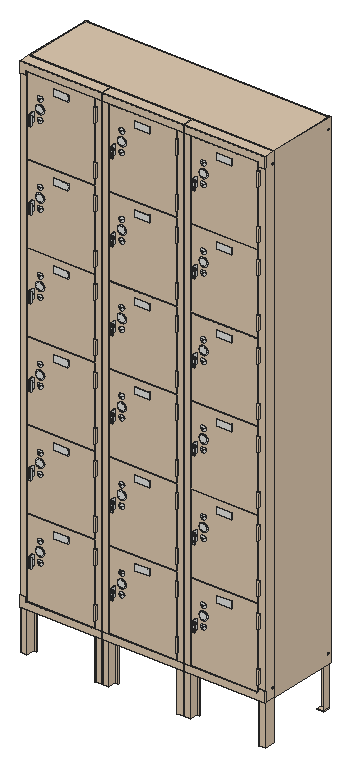
Revit family "Metal_Vented_Lockers-Salsbury_Industries-75000_76000_Series-3_Wide_Units", category Specialty Equipment, Revit 2024 (continued)
Definition of nested family "Metal Locker Left Side Base"
  Types (4): name | Visible | Depth | Model | Description
    77738 Left - for 18" D Lockers with Legs | yes | 16.422" | "77738" | "1.25\"W x 6\" H x 16\"D"
    None | no | 10.422" | "" | ""
  Reference planes (in)
    plane 1 "Center (Front/Back)": y = 0
    plane 2: z = 0
    plane 3 "Center (Left/Right)": x = 5.395
    plane 4 "Floor": z = 0
    plane 5 "Top of Enclosure": z = 6
    plane 6 "Left Side of Unit": x = 4.77
    plane 7 "Right Side of Unit": x = 6.02
    plane 8 "Left Edge of Enclosure": y = -5.211
    plane 9 "Right Edge of Enclosure": y = 5.211
    plane 10 "Left Edge of Insert": y = -6.27647
    plane 11 "Right Edge of Insert": y = -5.15147
    plane 12 "Edge of Rivet": x = 4.73
  Forms (in)
    Extrusion 1, solid, material <- "Primary Structure Material", visible <- "Visible"
      sketch origin (6.02, 0, 0) x (0, 0, -1) y (0, -1, 0)
        loop
          line (-6, 4.90147) -> (-6, -3.961) -> (-5.94, -3.961) -> (-5.94, 4.90147) -> (-6, 4.90147)
      from 0 to 1.19
    Extrusion 2, solid, material <- "Primary Structure Material", visible <- "Visible"
      sketch origin (6.02, 0, -5.94) x (0, 0, -1) y (0, -1, 0)
        loop
          line (-6, 4.90147) -> (-6, -3.961) -> (-5.94, -3.961) -> (-5.94, 4.90147) -> (-6, 4.90147)
      from 0 to 1.19
    Extrusion 3, solid, material <- "Primary Structure Material", visible <- "Visible"
      sketch origin (4.77, 0, 0) x (0, 0, -1) y (0, 1, 0)
        loop
          line (-6, -5.211) -> (0, -5.211) -> (0, 5.211) -> (-6, 5.211) -> (-6, -5.211)
      from 0 to 0.06
    Extrusion 4, solid, material <- "Primary Structure Material", visible <- "Visible"
      sketch origin (10.79, 0, 6) x (0, -1, 0) y (1, 0, 0)
        loop
          line (5.15147, -5.96) -> (6.27647, -5.96) -> (6.27647, -5.9) -> (5.15147, -5.9) -> (5.15147, -5.96)
      from -6 to 0
  Dimensions and locks (in)
    "Height": plane 5 "Top of Enclosure" to plane 4 "Floor"
    plane 10 "Left Edge of Insert" to plane 8 "Left Edge of Enclosure" to plane 11 "Right Edge of Insert" = 1.06547" locked, 0.05953" locked
    equal spacing: plane 8 "Left Edge of Enclosure", plane 1 "Center (Front/Back)", plane 9 "Right Edge of Enclosure"
    "Depth": plane 8 "Left Edge of Enclosure" to plane 9 "Right Edge of Enclosure"
    equal spacing: plane 6 "Left Side of Unit", plane 3 "Center (Left/Right)", plane 7 "Right Side of Unit"
    "Width": plane 6 "Left Side of Unit" to plane 7 "Right Side of Unit"
    "Width including Rivet": plane 12 "Edge of Rivet" to plane 7 "Right Side of Unit"
    plane 12 "Edge of Rivet" to plane 6 "Left Side of Unit" = 0.040"
    aligned and locked: level to plane 2
    aligned and locked: Extrusion 1 to Extrusion 3
    aligned and locked: Extrusion 2 to Extrusion 3
  Automatic sketch dimensions
    plane 5 "Top of Enclosure" to Extrusion 1 sketch curve = 0.000"
    Extrusion 1 sketch curve to Extrusion 1 sketch curve = 0.060"
    plane 9 "Right Edge of Enclosure" to Extrusion 1 sketch curve = 1.250"
    Extrusion 1 sketch curve to plane 11 "Right Edge of Insert" = 0.250"
    Extrusion 2 sketch curve to level = 0.000"
    level to Extrusion 2 sketch curve = 0.060"
    plane 9 "Right Edge of Enclosure" to Extrusion 2 sketch curve = 1.250"
    Extrusion 2 sketch curve to plane 11 "Right Edge of Insert" = 0.250"
    plane 5 "Top of Enclosure" to Extrusion 3 sketch curve = 0.000"
    Extrusion 3 sketch curve to level = 0.000"
    Extrusion 3 sketch curve to plane 8 "Left Edge of Enclosure" = 0.000"
    Extrusion 3 sketch curve to plane 9 "Right Edge of Enclosure" = 0.000"
    plane 11 "Right Edge of Insert" to Extrusion 4 sketch curve = 0.000"
    plane 10 "Left Edge of Insert" to Extrusion 4 sketch curve = 0.000"
    plane 6 "Left Side of Unit" to Extrusion 4 sketch curve = 0.120"
    Extrusion 4 sketch curve to Extrusion 4 sketch curve = 0.060"
Definition of nested family "Metal Locker Zee Base - 3 Wide"
  Parameters (values of type "77572- 36" W x 12" D")
    Width = 36.040"
    Visible = yes
    Version = "1.0 (11/30/15)"
    Type Comments = "Zee Base Kit for Standard Metal Lockers - No Legs"
    Primary Structure Material = none
    Model = "77572"
    MasterFormat Title = ""
    MasterFormat Number = ""
    Manufacturer = "Salsbury Industries"
    Description = "4\" H x 6' L - for 12\" Deep Lockers (Includes 6 Foot Front Base, 2 End Bases, Corner Splicer and 4 Rear Legs)"
    Depth = 12.010"
    Height = 4.000"
    Default Elevation = 0.000"
    Assembly Code = ""
  Types (6): name | Width | Visible | Model | Depth
    77572- 36" W x 12" D | 36.040" | yes | "77572" | 12.010"
    77575 - 36" W x 15" D | 36.040" | yes | "77575" | 15.010"
    77578 - 36"W x 18"D | 36.040" | yes | "77578" | 18.010"
    77575 - 45"W x 15"D | 45.040" | yes | "77575" | 15.010"
    77578 - 45"W x 18"D | 45.040" | yes | "77578" | 18.010"
    None | 36.040" | no | "77572" | 12.010"
  Reference planes (in)
    plane 1 "Center (Front/Back)": y = 0
    plane 2: z = 0
    plane 3 "Center (Left/Right)": x = 0
    plane 4 "Floor": z = 0
    plane 5 "Bottom of Unit": z = 4
    plane 6 "Left Side of Unit": x = -18.02
    plane 7 "Right Side of Unit": x = 18.02
    plane 8 "Back of Unit": y = 6.005
    plane 9 "Front of Unit": y = -6.005
    plane 10 "Right Side of Door Opening": x = 17.02
    plane 11 "Left Side of Door Opening": x = -17.02
    plane 12 "Top of back legs": z = 4.185
    plane 13 "Back Edge of Front Facing": y = -4.417
    plane 14 "Inside Edge of Front Leg": x = -16.58
    plane 15 "Inside Edge of Right Leg": x = 16.58
    plane 16: y = -4.82
    plane 17 "Back Edge of Rear Legs": y = 5.895
    plane 18 "Right Edge of Rear Right Leg": x = 17.9
    plane 19 "Left Edge or Rear Left Leg": x = -17.9
    plane 20: y = 4.895
    plane 21 "Inside Edge or Rear Right Leg": x = 16.9
    plane 22 "Inside Edge or Left Rear Leg": x = -16.9
  Forms (in)
    Extrusion 1, solid, material <- "Primary Structure Material", visible <- "Visible"
      sketch origin (0, 0, 0) x (0, -1, 0) y (1, 0, 0)
        loop
          line (-5.895, 17.9) -> (-5.895, 16.9) -> (-5.835, 16.9) -> (-5.835, 17.84) -> (-4.895, 17.84) -> (-4.895, 17.9) -> (-5.895, 17.9)
      from 0.06 to 4.185
    Extrusion 2, solid, material <- "Primary Structure Material", visible <- "Visible"
      sketch origin (0, 0, 0) x (0, -1, 0) y (1, 0, 0)
        loop
          line (-5.895, 17.9) -> (-5.895, 16.9) -> (-4.895, 16.9) -> (-4.895, 17.9) -> (-5.895, 17.9)
      from 0 to 0.06
    Extrusion 3, solid, material <- "Primary Structure Material", visible <- "Visible"
      sketch origin (0, 0, 0) x (0, -1, 0) y (1, 0, 0)
        loop
          line (-5.895, -17.9) -> (-4.895, -17.9) -> (-4.895, -17.84) -> (-5.835, -17.84) -> (-5.835, -16.9) -> (-5.895, -16.9) -> (-5.895, -17.9)
      from 0.06 to 4.185
    Extrusion 4, solid, material <- "Primary Structure Material", visible <- "Visible"
      sketch origin (0, 0, 0) x (0, -1, 0) y (1, 0, 0)
        loop
          line (-5.895, -17.9) -> (-4.895, -17.9) -> (-4.895, -16.9) -> (-5.895, -16.9) -> (-5.895, -17.9)
      from 0 to 0.06
    Extrusion 5, solid, material <- "Primary Structure Material", visible <- "Visible"
      sketch origin (0, 0, 0) x (0, 1, 0) y (0, 0, 1)
        loop
          line (-6.005, 4) -> (-6.005, 3.94) -> (-4.417, 3.94) -> (-4.417, 0) -> (-2.769, 0) -> (-2.769, 0.06) -> (-4.357, 0.06) -> (-4.357, 4) -> (-6.005, 4)
      from -18.02 to 18.02
  Dimensions and locks (in)
    equal spacing: plane 6 "Left Side of Unit", plane 3 "Center (Left/Right)", plane 7 "Right Side of Unit"
    "Width": plane 6 "Left Side of Unit" to plane 7 "Right Side of Unit"
    "Height": plane 5 "Bottom of Unit" to plane 4 "Floor"
    equal spacing: plane 9 "Front of Unit", plane 1 "Center (Front/Back)", plane 8 "Back of Unit"
    "Depth": plane 9 "Front of Unit" to plane 8 "Back of Unit"
    plane 12 "Top of back legs" to plane 5 "Bottom of Unit" = 0.185"
    plane 6 "Left Side of Unit" to plane 11 "Left Side of Door Opening" = 1.000"
    plane 10 "Right Side of Door Opening" to plane 7 "Right Side of Unit" = 1.000"
    locked: plane 9 "Front of Unit" to plane 13 "Back Edge of Front Facing" at 1.588
    plane 11 "Left Side of Door Opening" to plane 14 "Inside Edge of Front Leg" = 0.440"
    plane 15 "Inside Edge of Right Leg" to plane 10 "Right Side of Door Opening" = 0.440"
    plane 9 "Front of Unit" to plane 16 = 1.185"
    plane 15 "Inside Edge of Right Leg" to plane 21 "Inside Edge or Rear Right Leg" to plane 10 "Right Side of Door Opening" to plane 18 "Right Edge of Rear Right Leg" to plane 7 "Right Side of Unit" = 0.320", 0.120", 0.880", 0.120"
    plane 6 "Left Side of Unit" to plane 19 "Left Edge or Rear Left Leg" to plane 11 "Left Side of Door Opening" to plane 22 "Inside Edge or Left Rear Leg" to plane 14 "Inside Edge of Front Leg" = 0.120", 0.880", 0.120", 0.320"
    plane 20 to plane 17 "Back Edge of Rear Legs" to plane 8 "Back of Unit" = 1.000", 0.110"
    aligned and locked: level to plane 2
    aligned and locked: Extrusion 1 to Extrusion 2
    aligned and locked: Extrusion 4 to Extrusion 3
    aligned and locked: Extrusion 1 to plane 18 "Right Edge of Rear Right Leg"
    aligned and locked: Extrusion 1 to plane 17 "Back Edge of Rear Legs"
    aligned and locked: Extrusion 3 to plane 19 "Left Edge or Rear Left Leg"
    aligned and locked: plane 17 "Back Edge of Rear Legs" to Extrusion 3
    aligned and locked: Extrusion 1 to plane 12 "Top of back legs"
    aligned and locked: plane 12 "Top of back legs" to Extrusion 3
    aligned and locked: Extrusion 5 to plane 7 "Right Side of Unit"
    aligned and locked: plane 6 "Left Side of Unit" to Extrusion 5
  Automatic sketch dimensions
    plane 17 "Back Edge of Rear Legs" to Extrusion 1 sketch curve = 0.000"
    Extrusion 1 sketch curve to plane 21 "Inside Edge or Rear Right Leg" = 0.000"
    Extrusion 1 sketch curve to plane 18 "Right Edge of Rear Right Leg" = 0.000"
    plane 20 to Extrusion 1 sketch curve = 0.000"
    plane 17 "Back Edge of Rear Legs" to Extrusion 1 sketch curve = 0.060"
    plane 18 "Right Edge of Rear Right Leg" to Extrusion 1 sketch curve = 0.060"
    plane 17 "Back Edge of Rear Legs" to Extrusion 2 sketch curve = 0.000"
    Extrusion 2 sketch curve to plane 18 "Right Edge of Rear Right Leg" = 0.000"
    plane 20 to Extrusion 2 sketch curve = 0.000"
    Extrusion 2 sketch curve to plane 21 "Inside Edge or Rear Right Leg" = 0.000"
    plane 17 "Back Edge of Rear Legs" to Extrusion 3 sketch curve = 0.000"
    Extrusion 3 sketch curve to plane 22 "Inside Edge or Left Rear Leg" = 0.000"
    Extrusion 3 sketch curve to plane 19 "Left Edge or Rear Left Leg" = 0.000"
    plane 20 to Extrusion 3 sketch curve = 0.000"
    Extrusion 3 sketch curve to plane 17 "Back Edge of Rear Legs" = 0.060"
    Extrusion 3 sketch curve to plane 19 "Left Edge or Rear Left Leg" = 0.060"
    plane 17 "Back Edge of Rear Legs" to Extrusion 4 sketch curve = 0.000"
    Extrusion 4 sketch curve to plane 19 "Left Edge or Rear Left Leg" = 0.000"
    plane 20 to Extrusion 4 sketch curve = 0.000"
    Extrusion 4 sketch curve to plane 22 "Inside Edge or Left Rear Leg" = 0.000"
    Extrusion 5 sketch curve to plane 9 "Front of Unit" = 0.000"
    Extrusion 5 sketch curve to level = 0.000"
    Extrusion 5 sketch curve to plane 13 "Back Edge of Front Facing" = 0.000"
    plane 5 "Bottom of Unit" to Extrusion 5 sketch curve = 0.000"
    Extrusion 5 sketch curve to plane 13 "Back Edge of Front Facing" = 0.060"
    Extrusion 5 sketch curve to Extrusion 5 sketch curve = 1.588"
    level to Extrusion 5 sketch curve = 0.060"
    plane 5 "Bottom of Unit" to Extrusion 5 sketch curve = 0.060"
Definition of nested family "Metal Locker Zee Base-Right Side"
  Parameters (values of type "77578 Right - 18" D")
    Width including Rivet [instance] = 1.290"
    Visible = yes
    Primary Structure Material = none
    Depth = 16.362"
    Version = "1.0 (11/30/15)"
    Type Comments = "Zee Base Kit for Standard Metal Lockers - No Legs"
    Model = "77578"
    MasterFormat Title = ""
    MasterFormat Number = ""
    Manufacturer = "Salsbury Industries"
    Description = "4\" H x 6' L - for 12\" Deep Lockers (Includes 6 Foot Front Base, 2 End Bases, Corner Splicer and 4 Rear Legs)"
    Width = 4.000"
    Height = 4.000"
    Default Elevation = 0.000"
    Assembly Code = ""
  Types (4): name | Visible | Depth | Type Comments | Model | Description
    77572 Right - 12" D | yes | 10.362" | "Zee Base Kit for Standard Metal Lockers - No Legs" | "77572" | "4\" H x 6' L - for 12\" Deep Lockers (Includes 6 Foot Front Base, 2 End Bases, Corner Splicer and 4 Rear Legs)"
    77575 Right - 15" D | yes | 13.362" | "Zee Base Kit for Standard Metal Lockers - No Legs" | "77575" | "4\" H x 6' L - for 12\" Deep Lockers (Includes 6 Foot Front Base, 2 End Bases, Corner Splicer and 4 Rear Legs)"
    77578 Right - 18" D | yes | 16.362" | "Zee Base Kit for Standard Metal Lockers - No Legs" | "77578" | "4\" H x 6' L - for 12\" Deep Lockers (Includes 6 Foot Front Base, 2 End Bases, Corner Splicer and 4 Rear Legs)"
    None | no | 10.362" | "End Base for Standard Metal Lockers" | "" | ""
  Reference planes (in)
    plane 1 "Center (Front/Back)": y = 0
    plane 2: z = 0
    plane 3 "Center (Left/Right)": x = 3.99
    plane 4 "Floor": z = 0
    plane 5 "Top of Enclosure": z = 4
    plane 6 "Left Edge of Insert": x = 4.77
    plane 7 "Right Side of Unit": x = 5.99
    plane 8 "Left Edge of Enclosure": y = -8.181
    plane 9 "Right Edge of Enclosure": y = 8.181
    plane 10 "Bottom Edge of Enclosure": z = 0.06
    plane 11 "Left Edge of Base": x = 1.99
  Forms (in)
    Extrusion 1, solid, material <- "Primary Structure Material", visible <- "Visible"
      sketch origin (5.99, 0, 0) x (0, 0, -1) y (0, -1, 0)
        loop
          line (-4, 6.93967) -> (-4, -6.931) -> (-3.94, -6.931) -> (-3.94, 6.93967) -> (-4, 6.93967)
      from 0.06 to 1.22
    Extrusion 2, solid, material <- "Primary Structure Material", visible <- "Visible"
      sketch origin (0, 0, 0) x (0, -1, 0) y (1, 0, 0)
        loop
          line (-8.181, 1.99) -> (-8.121, 1.99) -> (-8.121, 5.93) -> (8.121, 5.93) -> (8.121, 1.99) -> (8.181, 1.99) -> (8.181, 5.99) -> (-8.181, 5.99) -> (-8.181, 1.99)
      from 0.06 to 4
  Dimensions and locks (in)
    "Height": plane 5 "Top of Enclosure" to plane 4 "Floor"
    equal spacing: plane 8 "Left Edge of Enclosure", plane 1 "Center (Front/Back)", plane 9 "Right Edge of Enclosure"
    "Depth": plane 8 "Left Edge of Enclosure" to plane 9 "Right Edge of Enclosure"
    "Width": plane 11 "Left Edge of Base" to plane 7 "Right Side of Unit"
    equal spacing: plane 11 "Left Edge of Base", plane 3 "Center (Left/Right)", plane 7 "Right Side of Unit"
    locked: plane 4 "Floor" to plane 10 "Bottom Edge of Enclosure" at 0.06
    aligned and locked: level to plane 2
    aligned and locked: plane 6 "Left Edge of Insert" to Extrusion 1
    aligned and locked: Extrusion 2 to plane 9 "Right Edge of Enclosure"
    aligned and locked: Extrusion 2 to plane 10 "Bottom Edge of Enclosure"
    aligned and locked: plane 11 "Left Edge of Base" to Extrusion 2
  Automatic sketch dimensions
    plane 5 "Top of Enclosure" to Extrusion 1 sketch curve = 0.000"
    Extrusion 1 sketch curve to Extrusion 1 sketch curve = 0.060"
    plane 9 "Right Edge of Enclosure" to Extrusion 1 sketch curve = 1.250"
    Extrusion 1 sketch curve to plane 8 "Left Edge of Enclosure" = 1.24133"
    Extrusion 2 sketch curve to plane 7 "Right Side of Unit" = 0.000"
    plane 9 "Right Edge of Enclosure" to Extrusion 2 sketch curve = 0.000"
    plane 6 "Left Edge of Insert" to Extrusion 2 sketch curve = 2.780"  (x2)
    Extrusion 2 sketch curve to Extrusion 2 sketch curve = 0.060"
    plane 7 "Right Side of Unit" to Extrusion 2 sketch curve = 0.060"
    Extrusion 2 sketch curve to plane 8 "Left Edge of Enclosure" = 0.060"
    Extrusion 2 sketch curve to plane 8 "Left Edge of Enclosure" = 0.000"
Definition of nested family "Metal Locker Zee Base-Left Side"
  Parameters (values of type "77572 Left - 12" D")
    Width including Rivet [instance] = 1.290"
    Visible = yes
    Primary Structure Material = none
    Depth = 10.362"
    Version = "1.0 (11/30/15)"
    Type Comments = "Zee Base Kit for Standard Metal Lockers - No Legs"
    Model = "77572"
    MasterFormat Title = ""
    MasterFormat Number = ""
    Manufacturer = "Salsbury Industries"
    Description = "4\" H x 6' L - for 12\" Deep Lockers (Includes 6 Foot Front Base, 2 End Bases, Corner Splicer and 4 Rear Legs)"
    Width = 4.000"
    Height = 4.000"
    Default Elevation = 0.000"
    Assembly Code = ""
  Types (4): name | Visible | Depth | Type Comments | Model | Description
    77572 Left - 12" D | yes | 10.362" | "Zee Base Kit for Standard Metal Lockers - No Legs" | "77572" | "4\" H x 6' L - for 12\" Deep Lockers (Includes 6 Foot Front Base, 2 End Bases, Corner Splicer and 4 Rear Legs)"
    77575 Left - 15" D | yes | 13.362" | "Zee Base Kit for Standard Metal Lockers - No Legs" | "77575" | "4\" H x 6' L - for 12\" Deep Lockers (Includes 6 Foot Front Base, 2 End Bases, Corner Splicer and 4 Rear Legs)"
    77578 Left- 18" D | yes | 16.362" | "Zee Base Kit for Standard Metal Lockers - No Legs" | "77578" | "4\" H x 6' L - for 12\" Deep Lockers (Includes 6 Foot Front Base, 2 End Bases, Corner Splicer and 4 Rear Legs)"
    None | no | 10.362" | "End Base for Standard Metal Lockers" | "" | ""
  Reference planes (in)
    plane 1 "Center (Front/Back)": y = 0
    plane 2: z = 0
    plane 3 "Center (Left/Right)": x = 3.99
    plane 4 "Floor": z = 0
    plane 5 "Top of Enclosure": z = 4
    plane 6 "Right Side of Unit": x = 5.99
    plane 7 "Left Edge of Enclosure": y = -5.181
    plane 8 "Right Edge of Enclosure": y = 5.181
    plane 9 "Bottom Edge of Enclosure": z = 0.06
    plane 10 "Left Edge of Base": x = 1.99
    plane 11 "Right Edge of Inser": x = 3.21
  Forms (in)
    Extrusion 1, solid, material <- "Primary Structure Material", visible <- "Visible"
      sketch origin (7.98, 0, 0) x (0, -1, 0) y (1, 0, 0)
        loop
          line (-5.181, -1.99) -> (-5.181, -5.99) -> (5.181, -5.99) -> (5.181, -1.99) -> (5.121, -1.99) -> (5.121, -5.93) -> (-5.121, -5.93) -> (-5.121, -1.99) -> (-5.181, -1.99)
      from 0.06 to 4
    Extrusion 2, solid, material <- "Primary Structure Material", visible <- "Visible"
      sketch origin (1.99, 0, 0) x (0, 0, -1) y (0, 1, 0)
        loop
          line (-4, -3.93967) -> (-3.94, -3.93967) -> (-3.94, 3.931) -> (-4, 3.931) -> (-4, -3.93967)
      from 0.06 to 1.22
  Dimensions and locks (in)
    "Height": plane 5 "Top of Enclosure" to plane 4 "Floor"
    equal spacing: plane 7 "Left Edge of Enclosure", plane 1 "Center (Front/Back)", plane 8 "Right Edge of Enclosure"
    "Depth": plane 7 "Left Edge of Enclosure" to plane 8 "Right Edge of Enclosure"
    "Width": plane 10 "Left Edge of Base" to plane 6 "Right Side of Unit"
    equal spacing: plane 10 "Left Edge of Base", plane 3 "Center (Left/Right)", plane 6 "Right Side of Unit"
    locked: plane 4 "Floor" to plane 9 "Bottom Edge of Enclosure" at 0.06
    aligned and locked: level to plane 2
    aligned and locked: plane 10 "Left Edge of Base" to Extrusion 1
  Automatic sketch dimensions
    plane 8 "Right Edge of Enclosure" to Extrusion 1 sketch curve = 0.000"
    Extrusion 1 sketch curve to plane 6 "Right Side of Unit" = 0.000"  (x2)
    plane 7 "Left Edge of Enclosure" to Extrusion 1 sketch curve = 0.000"
    Extrusion 1 sketch curve to plane 10 "Left Edge of Base" = 0.000"
    Extrusion 1 sketch curve to Extrusion 1 sketch curve = 0.060"
    plane 7 "Left Edge of Enclosure" to Extrusion 1 sketch curve = 0.060"
    plane 10 "Left Edge of Base" to Extrusion 1 sketch curve = 0.060"
    plane 5 "Top of Enclosure" to Extrusion 2 sketch curve = 0.000"
    Extrusion 2 sketch curve to Extrusion 2 sketch curve = 0.060"
    Extrusion 2 sketch curve to plane 7 "Left Edge of Enclosure" = 1.24133"
    plane 8 "Right Edge of Enclosure" to Extrusion 2 sketch curve = 1.250"
Definition of nested family "Metal Locker Zee Base Corner"
  Parameters (values of type "77572, 77575, 77578")
    Width = 2.000"
    Visible = yes
    Version = "1.0 (11/30/15)"
    Type Comments = "Zee Base Kit for Standard Metal Lockers - No Legs"
    Primary Structure Material = none
    Model = "n/a"
    Manufacturer = "Salsbury Industries"
    Height = 3.940"
    Description = "4\" H x 6' L - for 12\" Deep Lockers (Includes 6 Foot Front Base, 2 End Bases, Corner Splicer and 4 Rear Legs)"
    Depth = 2.000"
    Default Elevation = 0.000"
  Types (2): name | Visible
    77572, 77575, 77578 | yes
    None | no
  Reference planes (in)
    plane 1 "Center (Front/Back)": y = 0
    plane 2 "Bottom of Component": z = 0
    plane 3 "Center (Left/Right)": x = 0
    plane 4: z = 3.94
    plane 5: x = -1
    plane 6: x = 1
    plane 7 "Front": y = -1
    plane 8 "Back": y = 1
  Forms (in)
    Extrusion 1, solid, material <- "Primary Structure Material", visible <- "Visible"
      sketch origin (0, 0, 0) x (1, 0, 0) y (0, 1, 0)
        loop
          line (-1, 1) -> (-1, 0.94) -> (0.94, 0.94) -> (0.94, -1) -> (1, -1) -> (1, 1) -> (-1, 1)
      from 0 to 3.94
  Dimensions and locks (in)
    "Height": plane 4 to plane 2 "Bottom of Component"
    equal spacing: plane 5, plane 3 "Center (Left/Right)", plane 6
    "Width": plane 5 to plane 6
    equal spacing: plane 7 "Front", plane 1 "Center (Front/Back)", plane 8 "Back"
    "Depth": plane 7 "Front" to plane 8 "Back"
    aligned and locked: plane 2 "Bottom of Component" to level
  Automatic sketch dimensions
    Extrusion 1 sketch curve to plane 5 = 0.000"
    plane 7 "Front" to Extrusion 1 sketch curve = 0.000"
    Extrusion 1 sketch curve to plane 6 = 0.000"
    plane 8 "Back" to Extrusion 1 sketch curve = 0.000"
    plane 6 to Extrusion 1 sketch curve = 0.060"
    Extrusion 1 sketch curve to Extrusion 1 sketch curve = 0.060"
Definition of nested family "Metal Locker End Panel"
  Parameters (values of type "77362 - for 6' H x 12" D Lockers")
    Width = 0.925"
    Visible = yes
    Version = "1.0 (11/30/15)"
    Type Comments = "Finished End Panel for Standard Metal Lockers"
    Primary Structure Material = none
    Model = "77362"
    MasterFormat Title = ""
    MasterFormat Number = ""
    Manufacturer = "Salsbury Industries"
    Height = 72.000"
    Description = "End Panel for 6' H x 12\" Deep Lockers"
    Depth = 12.010"
    Default Elevation = 0.000"
    Assembly Code = ""
  Types (7): name | Visible | Model | Height | Description | Depth
    77362 - for 6' H x 12" D Lockers | yes | "77362" | 72.000" | "End Panel for 6' H x 12\" Deep Lockers" | 12.010"
    77365 - for 6' H x 15" D Lockers | yes | "77365" | 72.000" | "End Panel for 6' H x 15\" Deep Lockers" | 15.010"
    77368 - for 6' H X 18" D Lockers | yes | "77368" | 72.000" | "End Panel for 6' H x 18\" Deep Lockers" | 18.010"
    77352 - for 5' H x 12" D Lockers | yes | "77352" | 60.000" | "End Panel for 5' H x 12\" Deep Lockers" | 12.010"
    77355 - for 5' H x 15" D Lockers | yes | "77355" | 60.000" | "End Panel for 5' H x 15\" Deep Lockers" | 15.010"
    77358 - for 5' H x 18" D Lockers | yes | "77358" | 60.000" | "End Panel for 5' H x 18\" Deep Lockers" | 18.010"
    None | no | "n/a" | 72.000" | "" | 12.010"
  Reference planes (in)
    plane 1 "Center (Front/Back)": y = -2.167
    plane 2: z = 0
    plane 3 "Center (Left/Right)": x = -4.595
    plane 4 "Bottom of Panel": z = 0
    plane 5 "Top of Panel": z = 72
    plane 6 "Front of Panel": y = -8.172
    plane 7 "Right Side of Enclosure": x = -4.1325
    plane 8 "Left Side of Enclosure": x = -5.0575
    plane 9 "Back of Panel": y = 3.838
    plane 10: z = 36
    plane 11: z = 70.283
    plane 12: z = 1.717
    plane 13 "Outside Edge of Front Flap": y = -8.23214
    plane 14 "Outside Edge of Back Flap": y = 3.898
  Forms (in)
    Extrusion 1, solid, material <- "Primary Structure Material", visible <- "Visible"
      sketch origin (-4.1325, 0.48244, 0) x (0, 0, -1) y (0, -1, 0)
        loop
          line (-72, 8.71458) -> (-72, -3.41556) -> (0, -3.41556) -> (0, 8.71458) -> (-72, 8.71458)
      from 0 to -0.06
    Extrusion 2, solid, material <- "Primary Structure Material", visible <- "Visible"
      sketch origin (0, 3.838, 0) x (0, 0, -1) y (1, 0, 0)
        loop
          line (-72, -5.0575) -> (0, -5.0575) -> (0, -4.1325) -> (-72, -4.1325) -> (-72, -5.0575)
      from 0 to -0.06
    Extrusion 3, solid, material <- "Primary Structure Material", visible <- "Visible"
      sketch origin (0, -8.172, 0) x (1, 0, 0) y (0, 0, 1)
        loop
          line (-5.0575, 70.283) -> (-5.0575, 1.717) -> (-4.1325, 1.717) -> (-4.1325, 70.283) -> (-5.0575, 70.283)
      from 0.06014 to 0
  Dimensions and locks (in)
    equal spacing: plane 6 "Front of Panel", plane 1 "Center (Front/Back)", plane 9 "Back of Panel"
    "Depth": plane 6 "Front of Panel" to plane 9 "Back of Panel"
    equal spacing: plane 8 "Left Side of Enclosure", plane 3 "Center (Left/Right)", plane 7 "Right Side of Enclosure"
    "Width": plane 8 "Left Side of Enclosure" to plane 7 "Right Side of Enclosure"
    equal spacing: plane 5 "Top of Panel", plane 10, plane 2
    "Height": plane 5 "Top of Panel" to plane 2
    locked: plane 5 "Top of Panel" to plane 11 at 1.717
    locked: plane 13 "Outside Edge of Front Flap" to plane 6 "Front of Panel" at 0.06014
    locked: plane 9 "Back of Panel" to plane 14 "Outside Edge of Back Flap" at 0.06
    aligned and locked: level to plane 2
    aligned and locked: plane 5 "Top of Panel" to Extrusion 1 sketch curve
    aligned and locked: plane 5 "Top of Panel" to Extrusion 2 sketch curve
    aligned and locked: Extrusion 2 to plane 9 "Back of Panel"
    aligned and locked: plane 11 to Extrusion 3 sketch curve
    aligned and locked: plane 6 "Front of Panel" to Extrusion 3
    aligned and locked: plane 14 "Outside Edge of Back Flap" to Extrusion 2
    aligned and locked: Extrusion 1 to plane 14 "Outside Edge of Back Flap"
    aligned and locked: plane 13 "Outside Edge of Front Flap" to Extrusion 3
    aligned and locked: Extrusion 2 to plane 7 "Right Side of Enclosure"
    aligned and locked: Extrusion 3 to plane 7 "Right Side of Enclosure"
  Automatic sketch dimensions
    Extrusion 1 sketch curve to level = 0.000"
    Extrusion 2 sketch curve to level = 0.000"
    plane 8 "Left Side of Enclosure" to Extrusion 2 sketch curve = 0.000"
    plane 7 "Right Side of Enclosure" to Extrusion 2 sketch curve = 0.000"
    plane 8 "Left Side of Enclosure" to Extrusion 3 sketch curve = 0.000"
    Extrusion 3 sketch curve to plane 12 = 0.000"
    plane 7 "Right Side of Enclosure" to Extrusion 3 sketch curve = 0.000"
    Extrusion 1 sketch curve to plane 14 "Outside Edge of Back Flap" = 0.000"
    plane 6 "Front of Panel" to Extrusion 1 sketch curve = 0.06014"
Definition of nested family "Metal Locker Front Filler"
  Parameters (values of type "77869 - for 6' H Lockers (Zee Base or No Legs)")
    Width = 9.000"
    Visible = yes
    Version = "1.0 (11/30/15)"
    Type Comments = "Vertical Front Filler for Standard Metal Lockers"
    Primary Structure Material = none
    Model = "77865"
    MasterFormat Title = ""
    MasterFormat Number = ""
    Manufacturer = "Salsbury Industries"
    Height = 72.000"
    Description = "9\" W Vertical Front Filler for 6' H Lockers"
    Depth = 1.500"
    Default Elevation = 0.000"
    Assembly Code = ""
  Types (9): name | Width | Visible | Model | Height | Description | Depth
    77865 - for 6' H Lockers with Legs | 15.000" | yes | "77865" | 78.000" | "15\" W Vertical Front Filler for 6' H Lockers" | 1.000"
    77869 - for 6' H Lockers with Legs | 9.000" | yes | "77865" | 78.000" | "9\" W Vertical Front Filler for 6' H Lockers" | 1.000"
    77855 - for 5' H Lockers with Legs | 15.000" | yes | "77855" | 66.000" | "15\" W Vertical Front Filler for 5' H Lockers" | 1.000"
    77859 - for 5' H Lockers with Legs | 9.000" | yes | "77859" | 66.000" | "9\" W Vertical Front Filler for 5' H Lockers" | 1.000"
    None | 15.000" | no | "n/a" | 78.000" | "" | 1.500"
    77865 - for 6' H Lockers (Zee Base or No Legs) | 15.000" | yes | "77865" | 72.000" | "15\" W Vertical Front Filler for 6' H Lockers" | 1.000"
    77869 - for 6' H Lockers (Zee Base or No Legs) | 9.000" | yes | "77865" | 72.000" | "9\" W Vertical Front Filler for 6' H Lockers" | 1.500"
    77859 - for 5' H Lockers (Zee Base or No Legs) | 9.000" | yes | "77859" | 60.000" | "9\" W Vertical Front Filler for 5' H Lockers" | 1.000"
    77855 - for 5' H Lockers (Zee Base or No Legs) | 15.000" | yes | "77855" | 60.000" | "15\" W Vertical Front Filler for 5' H Lockers" | 1.000"
  Reference planes (in)
    plane 1 "Center (Front/Back)": y = -2.167
    plane 2: z = 0
    plane 3 "Center (Left/Right)": x = -4.595
    plane 4 "Bottom of Filler": z = 0
    plane 5 "Top of Panel": z = 72
    plane 6 "Front of Filler": y = -2.917
    plane 7 "Right Side of Filler": x = -0.095
    plane 8 "Left Side of Filler": x = -9.095
    plane 9 "Back of Filler": y = -1.417
    plane 10: z = 36
  Forms (in)
    Extrusion 1, solid, material <- "Primary Structure Material", visible <- "Visible"
      sketch origin (0, 0, 0) x (0, -1, 0) y (1, 0, 0)
        loop
          line (1.417, -9.095) -> (2.917, -9.095) -> (2.917, -1.095) -> (2.869, -1.095) -> (2.869, -9.047) -> (1.417, -9.047) -> (1.417, -9.095)
      from 0 to 72
    Extrusion 2, solid, material <- "Primary Structure Material", visible <- "Visible"
      sketch origin (0, -0.20425, 0) x (0, -1, 0) y (1, 0, 0)
        loop
          line (1.30875, -0.095) -> (1.30875, -0.143) -> (2.76075, -0.143) -> (2.76075, -1.595) -> (2.80875, -1.595) -> (2.80875, -0.095) -> (1.30875, -0.095)
      from 0 to 72
    Extrusion 3, solid, material <- "Primary Structure Material", visible <- "Visible"
      sketch origin (0, 0.10825, 0) x (0, -1, 0) y (1, 0, 0)
        loop
          line (3.07325, -1.595) -> (3.07325, -0.82524) -> (3.02525, -0.82524) -> (3.02525, -1.376) -> (3.02525, -1.449) -> (3.02525, -1.522) -> (3.02525, -1.595) -> (3.07325, -1.595)
      from 0 to 72
    Extrusion 4, solid, material <- "Primary Structure Material", visible <- "Visible"
      sketch origin (0, 0, 0) x (0, -1, 0) y (1, 0, 0)
        loop
          line (2.917, -0.82524) -> (2.821, -0.82524) -> (2.821, -1.80024) -> (2.869, -1.80024) -> (2.869, -0.87324) -> (2.917, -0.87324) -> (2.917, -0.82524)
      from 0 to 72
  Dimensions and locks (in)
    equal spacing: plane 6 "Front of Filler", plane 1 "Center (Front/Back)", plane 9 "Back of Filler"
    "Depth": plane 6 "Front of Filler" to plane 9 "Back of Filler"
    equal spacing: plane 8 "Left Side of Filler", plane 3 "Center (Left/Right)", plane 7 "Right Side of Filler"
    "Width": plane 8 "Left Side of Filler" to plane 7 "Right Side of Filler"
    equal spacing: plane 5 "Top of Panel", plane 10, plane 2
    "Height": plane 5 "Top of Panel" to plane 2
    aligned and locked: level to plane 2
    aligned and locked: Extrusion 1 to plane 5 "Top of Panel"
    aligned and locked: Extrusion 2 to plane 5 "Top of Panel"
    aligned and locked: Extrusion 3 to plane 5 "Top of Panel"
    aligned and locked: Extrusion 4 to plane 5 "Top of Panel"
  Automatic sketch dimensions
    plane 9 "Back of Filler" to Extrusion 1 sketch curve = 0.000"
    plane 6 "Front of Filler" to Extrusion 1 sketch curve = 0.000"
    Extrusion 1 sketch curve to plane 8 "Left Side of Filler" = 0.000"
    Extrusion 1 sketch curve to plane 6 "Front of Filler" = 0.048"
    Extrusion 1 sketch curve to Extrusion 1 sketch curve = 0.048"
    plane 7 "Right Side of Filler" to Extrusion 1 sketch curve = 1.000"
    Extrusion 2 sketch curve to plane 7 "Right Side of Filler" = 0.000"
    plane 7 "Right Side of Filler" to Extrusion 2 sketch curve = 0.048"
    plane 9 "Back of Filler" to Extrusion 2 sketch curve = 0.096"
    plane 6 "Front of Filler" to Extrusion 2 sketch curve = 0.048"
    Extrusion 2 sketch curve to Extrusion 2 sketch curve = 0.048"
    Extrusion 2 sketch curve to Extrusion 2 sketch curve = 1.452"
    plane 6 "Front of Filler" to Extrusion 3 sketch curve = 0.000"
    plane 7 "Right Side of Filler" to Extrusion 3 sketch curve = 1.500"
    Extrusion 3 sketch curve to Extrusion 3 sketch curve = 0.073"  (x3)
    Extrusion 3 sketch curve to Extrusion 3 sketch curve = 0.55076"
    Extrusion 3 sketch curve to Extrusion 3 sketch curve = 0.048"
    plane 6 "Front of Filler" to Extrusion 4 sketch curve = 0.000"
    Extrusion 4 sketch curve to plane 6 "Front of Filler" = 0.048"
    Extrusion 4 sketch curve to Extrusion 4 sketch curve = 0.048"  (x2)
    plane 7 "Right Side of Filler" to Extrusion 4 sketch curve = 1.70524"
    plane 7 "Right Side of Filler" to Extrusion 4 sketch curve = 0.77824"
Definition of nested family "Metal Locker Flat Top Filler"
  Parameters (values of type "77842 - for 12" Deep Lockers (15" W)")
    Width = 16.250"
    Visible = yes
    Version = "1.0 (11/30/15)"
    Type Comments = "Flat Top Filler for Standard Metal Lockers"
    Primary Structure Material = none
    Model = "77842"
    MasterFormat Title = ""
    MasterFormat Number = ""
    Manufacturer = "Salsbury Industries"
    Height = 1.003"
    Description = "15\"W Flat Top In-Line Filler"
    Depth = 12.118"
    Default Elevation = 0.000"
    Assembly Code = ""
  Types (7): name | Width | Visible | Model | Depth
    77842 - for 12" Deep Lockers (15" W) | 16.250" | yes | "77842" | 12.118"
    77842 - for 12" Deep Lockers (9" W) | 10.250" | yes | "77842" | 12.118"
    77845 - for 15" Deep Lockers (15" W) | 16.250" | yes | "77845" | 15.118"
    77845 - for 15" Deep Lockers (9" W) | 10.250" | yes | "77845" | 15.118"
    77848 - for 18" Deep Lockers (15" W) | 16.250" | yes | "77848" | 18.118"
    77848 - for 18" Deep Lockers (9" W) | 10.250" | yes | "77848" | 18.118"
    None | 16.250" | no | "" | 12.118"
  Reference planes (in)
    plane 1 "Center (Front/Back)": y = -2.167
    plane 2: z = 0
    plane 3 "Center (Left/Right)": x = -4.595
    plane 4 "Bottom of Panel": z = 0
    plane 5 "Top of Panel": z = 1.003
    plane 6 "Front of Panel": y = -8.226
    plane 7 "Right Side of Enclosure": x = 3.53
    plane 8 "Left Side of Enclosure": x = -12.72
    plane 9 "Back of Panel": y = 3.892
    plane 10: z = 0.5015
  Forms (in)
    Extrusion 1, solid, material <- "Primary Structure Material", visible <- "Visible"
      sketch origin (-4.595, 0, 0) x (0, 1, 0) y (0, 0, 1)
        loop
          line (-8.226, 0) -> (-8.178, 0) -> (-8.178, 0.955) -> (3.892, 0.955) -> (3.892, 1.003) -> (-8.226, 1.003) -> (-8.226, 0)
      from -8.125 to 8.125
  Dimensions and locks (in)
    equal spacing: plane 6 "Front of Panel", plane 1 "Center (Front/Back)", plane 9 "Back of Panel"
    "Depth": plane 6 "Front of Panel" to plane 9 "Back of Panel"
    equal spacing: plane 8 "Left Side of Enclosure", plane 3 "Center (Left/Right)", plane 7 "Right Side of Enclosure"
    "Width": plane 8 "Left Side of Enclosure" to plane 7 "Right Side of Enclosure"
    equal spacing: plane 5 "Top of Panel", plane 10, plane 2
    "Height": plane 5 "Top of Panel" to plane 2
    aligned and locked: level to plane 2
    aligned and locked: Extrusion 1 to plane 7 "Right Side of Enclosure"
    aligned and locked: plane 8 "Left Side of Enclosure" to Extrusion 1
    aligned and locked: plane 6 "Front of Panel" to Extrusion 1
    aligned and locked: Extrusion 1 to plane 9 "Back of Panel"
  Automatic sketch dimensions
    plane 5 "Top of Panel" to Extrusion 1 sketch curve = 0.000"
    Extrusion 1 sketch curve to plane 6 "Front of Panel" = 0.000"
    Extrusion 1 sketch curve to level = 0.000"
    Extrusion 1 sketch curve to plane 9 "Back of Panel" = 0.000"
    Extrusion 1 sketch curve to plane 6 "Front of Panel" = 0.048"
    plane 5 "Top of Panel" to Extrusion 1 sketch curve = 0.048"
Definition of nested family "Metal Locker Flat Corner Filler"
  Parameters (values of type "77832 - for 12" Deep Lockers")
    Width = 12.625"
    Visible = yes
    Version = "1.0 (11/30/15)"
    Type Comments = "Flat Top Corner Filler for Standard Metal Lockers"
    Primary Structure Material = none
    Model = "77832"
    MasterFormat Title = ""
    MasterFormat Number = ""
    Manufacturer = "Salsbury Industries"
    Height = 0.048"
    Description = "12\"W Flat Top Corner Filler"
    Depth = 12.625"
    Default Elevation = 0.000"
    Assembly Code = ""
  Types (4): name | Width | Visible | Model | Description | Depth
    77832 - for 12" Deep Lockers | 12.625" | yes | "77832" | "12\"W Flat Top Corner Filler" | 12.625"
    77835 - for 15" Deep Lockers | 15.625" | yes | "77835" | "15\"W Flat Top Corner Filler" | 15.625"
    77838 - for 18" Deep Lockers | 18.625" | yes | "77838" | "18\"W Flat Top Corner Filler" | 18.625"
    None | 12.625" | no | "" | "" | 12.625"
  Reference planes (in)
    plane 1 "Center (Front/Back)": y = -2.167
    plane 2: z = 0
    plane 3 "Center (Left/Right)": x = -4.595
    plane 4 "Bottom of Panel": z = 0
    plane 5 "Top of Panel": z = 0.048
    plane 6 "Front of Panel": y = -8.4795
    plane 7 "Right Side of Enclosure": x = 1.7175
    plane 8 "Left Side of Enclosure": x = -10.9075
    plane 9 "Back of Panel": y = 4.1455
    plane 10: z = 0.024
  Forms (in)
    Extrusion 1, solid, material <- "Primary Structure Material", visible <- "Visible"
      sketch origin (0, 0, 0) x (0, -1, 0) y (1, 0, 0)
        loop
          line (7.8545, -10.9075) -> (7.8545, -10.2825) -> (8.4795, -10.2825) -> (8.4795, 1.7175) -> (-4.1455, 1.7175) -> (-4.1455, -10.9075) -> (7.8545, -10.9075)
      from 0 to 0.048
  Dimensions and locks (in)
    equal spacing: plane 6 "Front of Panel", plane 1 "Center (Front/Back)", plane 9 "Back of Panel"
    "Depth": plane 6 "Front of Panel" to plane 9 "Back of Panel"
    equal spacing: plane 8 "Left Side of Enclosure", plane 3 "Center (Left/Right)", plane 7 "Right Side of Enclosure"
    "Width": plane 8 "Left Side of Enclosure" to plane 7 "Right Side of Enclosure"
    equal spacing: plane 5 "Top of Panel", plane 10, plane 2
    "Height": plane 5 "Top of Panel" to plane 2
    aligned and locked: level to plane 2
    aligned and locked: Extrusion 1 to plane 9 "Back of Panel"
    aligned and locked: plane 6 "Front of Panel" to Extrusion 1
    aligned and locked: Extrusion 1 to plane 7 "Right Side of Enclosure"
    aligned and locked: plane 8 "Left Side of Enclosure" to Extrusion 1
  Automatic sketch dimensions
    Extrusion 1 sketch curve to plane 8 "Left Side of Enclosure" = 0.000"
    plane 9 "Back of Panel" to Extrusion 1 sketch curve = 0.000"
    plane 6 "Front of Panel" to Extrusion 1 sketch curve = 0.000"
    Extrusion 1 sketch curve to plane 7 "Right Side of Enclosure" = 0.000"
    Extrusion 1 sketch curve to plane 8 "Left Side of Enclosure" = 0.625"
    Extrusion 1 sketch curve to plane 6 "Front of Panel" = 0.625"
Definition of nested family "Metal Locker Sloping Top Filler"
  Parameters (values of type "77882 - for 12" Deep Lockers (15" W)")
    Width = 16.250"
    Visible = yes
    Version = "1.0 (11/30/15)"
    Type Comments = "Sloping Hood In-Line Filler for Standard Metal Lockers"
    Slope Angle = 28.761°
    Primary Structure Material = none
    Model = "77882"
    MasterFormat Title = ""
    MasterFormat Number = ""
    Manufacturer = "Salsbury Industries"
    Height = 1.003"
    Description = "15\"W Sloping Hood In-Line Filler"
    Depth = 12.118"
    Default Elevation = 0.000"
    Assembly Code = ""
  Types (7): name | Width | Visible | Type Comments | Slope Angle | Model | Description | Depth
    77882 - for 12" Deep Lockers (15" W) | 16.250" | yes | "Sloping Hood In-Line Filler for Standard Metal Lockers" | 28.761° | "77882" | "15\"W Sloping Hood In-Line Filler" | 12.118"
    77882 - for 12" Deep Lockers (9" W) | 10.250" | yes | "Sloping Hood In-Line Filler for Standard Metal Lockers" | 28.761° | "77882" | "15\"W Sloping Hood In-Line Filler" | 12.118"
    77885 - for 15" Deep Lockers (15" W) | 16.250" | yes | "Sloping Hood In-Line Filler for Standard Metal Lockers" | 29.946° | "77885" | "15\"W Sloping Hood In-Line Filler" | 15.118"
    77885 - for 15" Deep Lockers (9" W) | 10.250" | yes | "Sloping Hood In-Line Filler for Standard Metal Lockers" | 29.946° | "77885" | "15\"W Sloping Hood In-Line Filler" | 15.118"
    77888 - for 18" Deep Lockers (15" W) | 16.250" | yes | "Sloping Hood In-Line Filler for Standard Metal Lockers" | 30.723° | "77888" | "15\"W Sloping Hood In-Line Filler" | 18.118"
    77888 - for 18" Deep Lockers (9" W) | 10.250" | yes | "Sloping Hood In-Line Filler for Standard Metal Lockers" | 30.723° | "77888" | "15\"W Sloping Hood In-Line Filler" | 18.118"
    None | 16.250" | no | "Sloping Hood for Standard Metal Lockers" | 28.761° | "" | "" | 12.118"
  Reference planes (in)
    plane 1 "Center (Front/Back)": y = -2.167
    plane 2: z = 0
    plane 3 "Center (Left/Right)": x = -4.595
    plane 4 "Bottom of Panel": z = 0
    plane 5 "Top of Panel": z = 1.003
    plane 6 "Front of Panel": y = -8.226
    plane 7 "Right Side of Enclosure": x = 3.53
    plane 8 "Left Side of Enclosure": x = -12.72
    plane 9 "Back of Panel": y = 3.892
    plane 10: z = 0.5015
    plane 11: through (0, -7.6072, 0.33964) normal (0, -0.4812, 0.8766)
    plane 12: through (0, -7.72698, 0.21914) normal (0, -0.4812, 0.8766)
  Forms (in)
    Extrusion 1, solid, material <- "Primary Structure Material", visible <- "Visible"
      sketch origin (-4.595, 0, 0) x (0, 1, 0) y (0, 0, 1)
        loop
          line (3.892, 6.65119) -> (-8.226, 0) -> (-8.226, -1.028) -> (-8.178, -1.028) -> (-8.178, -0.02841) -> (3.892, 6.59643) -> (3.892, 6.65119)
      from -8.125 to 8.125
  Dimensions and locks (in)
    equal spacing: plane 6 "Front of Panel", plane 1 "Center (Front/Back)", plane 9 "Back of Panel"
    "Depth": plane 6 "Front of Panel" to plane 9 "Back of Panel"
    equal spacing: plane 8 "Left Side of Enclosure", plane 3 "Center (Left/Right)", plane 7 "Right Side of Enclosure"
    "Width": plane 8 "Left Side of Enclosure" to plane 7 "Right Side of Enclosure"
    equal spacing: plane 5 "Top of Panel", plane 10, plane 2
    "Height": plane 5 "Top of Panel" to plane 2
    locked: plane 11 to plane 12 at 0.048
    "Slope Angle": angle plane 4 "Bottom of Panel" to plane 11
    aligned and locked: level to plane 2
    aligned and locked: plane 11 to Extrusion 1 sketch curve
    aligned and locked: plane 12 to Extrusion 1 sketch curve
    aligned and locked: Extrusion 1 to plane 7 "Right Side of Enclosure"
    aligned and locked: plane 8 "Left Side of Enclosure" to Extrusion 1
  Automatic sketch dimensions
    Extrusion 1 sketch curve to plane 6 "Front of Panel" = 0.000"
    Extrusion 1 sketch curve to Extrusion 1 sketch curve = 0.99959"
    Extrusion 1 sketch curve to level = 0.02841"
    Extrusion 1 sketch curve to plane 9 "Back of Panel" = 0.000"
Definition of nested family "Metal Locker Sloping Corner Filler"
  Parameters (values of type "77872 - for 12" Deep Lockers")
    Width = 12.695"
    Visible = yes
    Version = "1.0 (11/30/15)"
    Type Comments = "Sloping Hood Corner Filler for Standard Metal Lockers"
    Slope Angle 2 = 28.761°
    Slope Angle 1 = 28.761°
    Primary Structure Material = none
    Model = "77872"
    MasterFormat Title = ""
    MasterFormat Number = ""
    Manufacturer = "Salsbury Industries"
    Height = 6.87897"
    Description = "12\"D Sloping Hood Corner Filler"
    Depth = 12.695"
    Default Elevation = 0.000"
    Assembly Code = ""
  Types (4): name | Width | Visible | Slope Angle 2 | Slope Angle 1 | Model | Description | Depth
    77872 - for 12" Deep Lockers | 12.695" | yes | 28.761° | 28.761° | "77872" | "12\"D Sloping Hood Corner Filler" | 12.695"
    77875 - for 15" Deep Lockers | 15.695" | yes | 29.946° | 29.946° | "77875" | "15\"D Sloping Hood Corner Filler" | 15.695"
    77878 - for 18" Deep Lockers | 18.695" | yes | 30.723° | 30.723° | "77878" | "18\"D Sloping Hood Corner Filler" | 18.695"
    None | 12.695" | no | 28.723° | 28.723° | "" | "" | 12.695"
  Reference planes (in)
    plane 1 "Center (Front/Back)": y = -2.167
    plane 2: z = 0
    plane 3 "Center (Left/Right)": x = -4.595
    plane 4 "Bottom of Panel": z = 0
    plane 5 "Top of Panel": z = 6.87897
    plane 6 "Front of Panel": y = -8.5145
    plane 7 "Right Side of Enclosure": x = 1.7525
    plane 8 "Left Side of Enclosure": x = -10.9425
    plane 9 "Back of Panel": y = 4.1805
    plane 10 "Center Top/Bottom": z = 3.43948
    plane 11 "Slope 1": through (0, -7.42276, 0.59922) normal (0, -0.4812, 0.8766)
    plane 12: through (0, -7.54254, 0.47872) normal (0, -0.4812, 0.8766)
    plane 13 "Diagonal Plane": through (-10.86131, 4.09969, 48) normal (0.7071, 0.7071, 0)
    plane 14 "Cutout Plane 1": y = -7.8895
    plane 15 "Cutout Plane 2": x = 1.1275
    plane 16 "Slope 2": through (1.43902, -180, 0.17206) normal (-0.4812, 0, -0.8766)
    plane 17: through (5.04554, -180, -1.86199) normal (-0.4812, 0, -0.8766)
  Forms (in)
    Extrusion 1, solid, material <- "Primary Structure Material", visible <- "Visible"
      sketch origin (-4.595, 0, 0) x (0, 1, 0) y (0, 0, 1)
        loop
          line (-7.8895, 0.28829) -> (4.1805, 6.91313) -> (4.1805, 6.96789) -> (-7.8895, 0.34304) -> (-7.8895, 0.28829)
      from -6.3475 to 6.3475
    Extrusion 2, void
      sketch origin (0, 0, 3.43948) x (1, 0, 0) y (0, 1, 0)
        loop
          line (1.75288, -8.5145) -> (-10.9425, 4.18088) -> (-10.9425, -8.5145) -> (1.75288, -8.5145)
      from -3.43948 to 8.2673
    Extrusion 3, solid, material <- "Primary Structure Material", visible <- "Visible"
      sketch origin (0, -2.167, 0) x (1, 0, 0) y (0, 0, 1)
        loop
          line (1.1275, 0.2885) -> (1.1275, 0.34304) -> (-10.9425, 6.96789) -> (-10.9425, 6.91334) -> (1.1275, 0.2885)
      from -6.3475 to 6.3475
    Extrusion 4, void
      sketch origin (-4.595, 0, 0) x (0, 1, 0) y (0, 0, 1)
        loop
          line (4.1805, 0) -> (4.1805, 6.91313) -> (-8.41474, 0) -> (4.1805, 0)
      from -6.3475 to 6.3475
    Extrusion 5, solid, not visible
      sketch origin (1.1275, 0, 0) x (0, -1, 0) y (0, 0, 1)
        loop
          line (8.60982, 0.2885) -> (7.8895, 0.2885) -> (7.8895, 0) -> (8.60982, 0) -> (8.60982, 0.2885)
      from -0.72026 to 0
  Cuts and joins
    Extrusion 2, Extrusion 4 cuts Extrusion 1
    Extrusion 4 cuts Extrusion 3
  Dimensions and locks (in)
    equal spacing: plane 6 "Front of Panel", plane 1 "Center (Front/Back)", plane 9 "Back of Panel"
    "Depth": plane 6 "Front of Panel" to plane 9 "Back of Panel"
    equal spacing: plane 8 "Left Side of Enclosure", plane 3 "Center (Left/Right)", plane 7 "Right Side of Enclosure"
    "Width": plane 8 "Left Side of Enclosure" to plane 7 "Right Side of Enclosure"
    equal spacing: plane 5 "Top of Panel", plane 10 "Center Top/Bottom", plane 2
    "Height": plane 5 "Top of Panel" to plane 2
    locked: plane 11 "Slope 1" to plane 12 at 0.048
    locked: plane 15 "Cutout Plane 2" to plane 7 "Right Side of Enclosure" at 0.625
    locked: plane 6 "Front of Panel" to plane 14 "Cutout Plane 1" at 0.625
    locked: plane 17 to plane 16 "Slope 2" at 0.04782
    "Slope Angle 1": angle plane 4 "Bottom of Panel" to plane 11 "Slope 1"
    "Slope Angle 2": angle plane 16 "Slope 2" to plane 4 "Bottom of Panel"
    aligned and locked: level to plane 2
    aligned and locked: Extrusion 1 sketch curve to plane 14 "Cutout Plane 1"
    aligned and locked: plane 9 "Back of Panel" to Extrusion 1 sketch curve
    aligned and locked: Extrusion 1 sketch curve to plane 11 "Slope 1"
    aligned and locked: plane 12 to Extrusion 1 sketch curve
    aligned and locked: plane 8 "Left Side of Enclosure" to Extrusion 1
    aligned and locked: Extrusion 1 to plane 7 "Right Side of Enclosure"
    aligned and locked: plane 6 "Front of Panel" to Extrusion 2 sketch curve
    aligned and locked: plane 8 "Left Side of Enclosure" to Extrusion 2 sketch curve
    aligned and locked: plane 13 "Diagonal Plane" to Extrusion 2 sketch curve
    aligned and locked: plane 4 "Bottom of Panel" to cut or joined group of Extrusion 1, Extrusion 2, Extrusion 4
    aligned and locked: Extrusion 4 sketch curve to level
    aligned and locked: Extrusion 4 sketch curve to plane 9 "Back of Panel"
    aligned and locked: plane 12 to Extrusion 4 sketch curve
    aligned and locked: Extrusion 4 to plane 7 "Right Side of Enclosure"
    aligned and locked: plane 8 "Left Side of Enclosure" to Extrusion 4
    aligned and locked: cut or joined group of Extrusion 3, Extrusion 4 to plane 15 "Cutout Plane 2"
    aligned and locked: plane 6 "Front of Panel" to cut or joined group of Extrusion 3, Extrusion 4
    aligned and locked: cut or joined group of Extrusion 3, Extrusion 4 to plane 9 "Back of Panel"
    aligned and locked: Extrusion 3 sketch curve to plane 15 "Cutout Plane 2"
    aligned and locked: Extrusion 3 sketch curve to plane 16 "Slope 2"
    aligned and locked: plane 8 "Left Side of Enclosure" to Extrusion 3 sketch curve
    aligned and locked: plane 17 to Extrusion 3 sketch curve
  Automatic sketch dimensions
    Extrusion 5 sketch curve to plane 14 "Cutout Plane 1" = 0.000"
    Extrusion 5 sketch curve to level = 0.000"
    plane 6 "Front of Panel" to Extrusion 5 sketch curve = 0.09532"
    Extrusion 5 sketch curve to Extrusion 5 sketch curve = 0.2885"
Definition of nested family "Metal Locker Sloping Hood"
  Parameters (values of type "77752 - for 12" Deep Lockers (1 Wide)")
    Width = 12.040"
    Visible = yes
    Version = "1.0 (11/30/15)"
    Type Comments = "Sloping Hood for Standard Metal Lockers"
    Slope Angle = 28.761°
    Primary Structure Material = none
    Model = "77752"
    MasterFormat Title = ""
    MasterFormat Number = ""
    Manufacturer = "Salsbury Industries"
    Height = 6.625"
    Dividing Lines = no
    Description = "12\" Deep for up to (3) 12\" Wide Lockers"
    Depth = 12.070"
    Default Elevation = 0.000"
    Assembly Code = ""
  Types (12): name | Width | Visible | Slope Angle | Model | Height | Dividing Lines | Description | Depth
    77752 - for 12" Deep Lockers (1 Wide) | 12.040" | yes | 28.761° | "77752" | 6.625" | no | "12\" Deep for up to (3) 12\" Wide Lockers" | 12.070"
    77752 - for 12" Deep Lockers (3 Wide) | 36.040" | yes | 28.761° | "77752" | 6.625" | yes | "12\" Deep for up to (3) 12\" Wide Lockers" | 12.070"
    77755 - for 15" Deep Lockers (1 Wide) | 12.040" | yes | 29.946° | "77755" | 8.682" | no | "15\" Deep for up to (3) 12\" Wide Lockers" | 15.070"
    77755 - for 15" Deep Lockers (3 Wide) | 36.040" | yes | 29.946° | "77755" | 8.628" | yes | "15\" Deep for up to (3) 12\" Wide Lockers" | 15.070"
    77758 - for 18" Deep Lockers (1 Wide) | 12.040" | yes | 30.723° | "77758" | 10.739" | no | "18\" Deep for up to (3) 12\" Wide Lockers" | 18.070"
    77758 - for 18" Deep Lockers (3 Wide) | 36.040" | yes | 30.723° | "77758" | 10.739" | yes | "18\" Deep for up to (3) 12\" Wide Lockers" | 18.070"
    None | 12.000" | no | 28.761° | "" | 6.625" | no | "" | 12.070"
    77765 - for 15" Deep Lockers (1 Wide) | 15.040" | yes | 29.946° | "77752" | 6.625" | no | "12\" Deep for up to (3) 12\" Wide Lockers" | 15.070"
    77768 - for 18" Deep Lockers (1 Wide) | 15.040" | yes | 30.723° | "77752" | 6.625" | no | "12\" Deep for up to (3) 12\" Wide Lockers" | 18.070"
    77765 - for 15" Deep Lockers (3 Wide) | 45.040" | yes | 29.946° | "77752" | 6.625" | yes | "12\" Deep for up to (3) 12\" Wide Lockers" | 15.070"
    77768 - for 18" Deep Lockers (3 Wide) | 45.040" | yes | 30.723° | "77752" | 6.625" | yes | "12\" Deep for up to (3) 12\" Wide Lockers" | 18.070"
    77759 - for 18" Deep Bridge Lockers | 72.040" | yes | 30.723° | "77752" | 6.625" | no | "12\" Deep for up to (3) 12\" Wide Lockers" | 18.070"
  Reference planes (in)
    plane 1 "Center (Front/Back)": y = -2.167
    plane 2: z = 0
    plane 3 "Center (Left/Right)": x = -4.595
    plane 4 "Bottom of Panel": z = 0
    plane 5 "Top of Panel": z = 6.625
    plane 6 "Front of Panel": y = -8.202
    plane 7 "Right Side of Enclosure": x = 1.425
    plane 8 "Left Side of Enclosure": x = -10.615
    plane 9 "Back of Panel": y = 3.868
    plane 10: z = 3.3125
    plane 11: through (0, -7.81601, 0.21186) normal (0, -0.4812, 0.8766)
    plane 12: through (0, -7.94397, 0.10626) normal (0, -0.4812, 0.8766)
    plane 13: y = 3.837
    plane 14: y = 3.806
    plane 15: y = 3.775
    plane 16: y = 3.37433
    plane 17 "Divider 1": x = -6.60167
    plane 18 "Divider 2": x = -2.58833
  Forms (in)
    Extrusion 1, solid, material <- "Primary Structure Material", visible <- "Visible"
      sketch origin (1.425, 0, 0) x (0, 0, -1) y (0, -1, 0)
        loop
          line (-6.62484, -3.868) -> (0, -3.868) -> (0, 8.202) -> (-6.62484, -3.868)
      from 0 to 0.031
    Extrusion 2, solid, material <- "Primary Structure Material", visible <- "Visible"
      sketch origin (1.425, 0, 0) x (0, 0, -1) y (0, -1, 0)
        loop
          line (0, -3.868) -> (0, -3.837) -> (-6.60783, -3.837) -> (-6.62484, -3.868) -> (0, -3.868)
      from 0.03098 to 0.40598
    Extrusion 3, solid, material <- "Primary Structure Material", visible <- "Visible"
      sketch origin (1.425, 0, 0) x (0, 0, -1) y (0, -1, 0)
        loop
          line (0, -3.837) -> (0, 8.13757) -> (-0.031, 8.08109) -> (-0.031, -3.837) -> (0, -3.837)
      from 0.031 to 0.80198
    Extrusion 4, solid, material <- "Primary Structure Material", visible <- "Visible"
      sketch origin (-10.615, 0, 0) x (0, 0, -1) y (0, -1, 0)
        loop
          line (-6.62484, -3.868) -> (0, -3.868) -> (0, 8.202) -> (-6.62484, -3.868)
      from 0 to -0.031
    Extrusion 5, solid, material <- "Primary Structure Material", visible <- "Visible"
      sketch origin (-10.615, 0, 0) x (0, 0, -1) y (0, -1, 0)
        loop
          line (0, -3.868) -> (0, -3.837) -> (-6.60783, -3.837) -> (-6.62484, -3.868) -> (0, -3.868)
      from -0.031 to -0.406
    Extrusion 6, solid, material <- "Primary Structure Material", visible <- "Visible"
      sketch origin (-10.615, 0, 0) x (0, 0, -1) y (0, -1, 0)
        loop
          line (0, -3.837) -> (0, 8.13757) -> (-0.031, 8.08109) -> (-0.031, -3.837) -> (0, -3.837)
      from -0.031 to -0.802
    Extrusion 7, solid, material <- "Primary Structure Material", visible <- "Visible"
      sketch origin (-4.595, 0, 0) x (0, 1, 0) y (0, 0, 1)
        loop
          line (3.837, 6.60783) -> (-8.202, 0) -> (-7.84238, 0) -> (-7.84238, 0.031) -> (-8.08109, 0.031) -> (3.806, 6.55545) -> (3.806, 6.21809) -> (3.837, 6.21809) -> (3.837, 6.60783)
      from -5.989 to 5.989
    Extrusion 8, solid, material <- "Primary Structure Material", visible <- "Visible"
      sketch origin (-4.595, -0.031, 0) x (0, 1, 0) y (0, 0, 1)
        loop
          line (3.837, 0.031) -> (3.837, 6.55545) -> (3.806, 6.53844) -> (3.806, 0.031) -> (3.837, 0.031)
      from -5.989 to 5.989
    Extrusion 9, solid, material <- "Primary Structure Material", visible <- "Visible"
      sketch origin (0, -0.031, 0) x (0, -1, 0) y (1, 0, 0)
        loop
          line (-3.806, -9.75653) -> (-3.40533, -9.75653) -> (-3.40533, 0.56919) -> (-3.806, 0.56919) -> (-3.806, -9.75653)
      from 0.031 to 0.06464
  Lines and regions (in)
    model lines, visible <- "Dividing Lines"
      curve 1: line (-6.60167, -8.21456, -0.0069) -> (-6.60167, 3.868, 6.62484)
      curve 2: line (-2.58833, -8.21456, -0.0069) -> (-2.58833, 3.868, 6.62484)
  Dimensions and locks (in)
    equal spacing: plane 6 "Front of Panel", plane 1 "Center (Front/Back)", plane 9 "Back of Panel"
    "Depth": plane 6 "Front of Panel" to plane 9 "Back of Panel"
    equal spacing: plane 8 "Left Side of Enclosure", plane 17 "Divider 1", plane 18 "Divider 2", plane 7 "Right Side of Enclosure"
    "Width": plane 8 "Left Side of Enclosure" to plane 7 "Right Side of Enclosure"
    equal spacing: plane 5 "Top of Panel", plane 10, plane 2
    "Height": plane 5 "Top of Panel" to plane 2
    locked: plane 11 to plane 12 at 0.031
    plane 16 to plane 15 to plane 14 to plane 13 to plane 9 "Back of Panel" = 0.40067", 0.031", 0.031", 0.031"
    equal spacing: plane 8 "Left Side of Enclosure", plane 3 "Center (Left/Right)", plane 7 "Right Side of Enclosure"
    "Slope Angle": angle plane 4 "Bottom of Panel" to plane 11
    aligned and locked: level to plane 2
    aligned and locked: Extrusion 1 to plane 9 "Back of Panel"
    aligned and locked: plane 4 "Bottom of Panel" to Extrusion 1
    aligned and locked: Extrusion 7 to Extrusion 1
    aligned and locked: Extrusion 7 to Extrusion 4
    aligned and locked: Extrusion 7 to Extrusion 8  (x2)
    aligned and locked: plane 11 to Extrusion 7 sketch curve
    aligned and locked: plane 12 to Extrusion 7 sketch curve
    aligned and locked: plane 12 to Extrusion 8 sketch curve
    aligned and locked: Extrusion 4 sketch curve to plane 11
    aligned and locked: Extrusion 1 sketch curve to plane 11
    aligned and locked: Extrusion 3 sketch curve to plane 12
    aligned and locked: Extrusion 6 sketch curve to plane 12
    aligned and locked: plane 13 to Extrusion 7
    aligned and locked: plane 14 to Extrusion 8
    aligned and locked: plane 15 to Extrusion 8
    aligned and locked: plane 16 to Extrusion 9
    aligned and locked: plane 13 to Extrusion 7 sketch curve
    aligned and locked: Extrusion 7 sketch curve to plane 14
    aligned and locked: plane 13 to Extrusion 2 sketch curve
    aligned and locked: plane 11 to Extrusion 2 sketch curve
    aligned and locked: plane 13 to Extrusion 5 sketch curve
    aligned and locked: plane 11 to Extrusion 5 sketch curve
    aligned and locked: curve 2 to plane 18 "Divider 2"
    aligned and locked: curve 1 to plane 17 "Divider 1"
  Automatic sketch dimensions
    Extrusion 7 sketch curve to level = 0.000"
    level to Extrusion 7 sketch curve = 0.031"
    Extrusion 7 sketch curve to Extrusion 7 sketch curve = 0.23871"
    Extrusion 7 sketch curve to Extrusion 7 sketch curve = 0.33736"
    Extrusion 1 sketch curve to plane 9 "Back of Panel" = 0.000"
    Extrusion 1 sketch curve to level = 0.000"
    Extrusion 2 sketch curve to plane 9 "Back of Panel" = 0.000"
    Extrusion 2 sketch curve to level = 0.000"
    Extrusion 3 sketch curve to plane 13 = 0.000"
    Extrusion 3 sketch curve to level = 0.000"
    level to Extrusion 3 sketch curve = 0.031"
    Extrusion 4 sketch curve to plane 9 "Back of Panel" = 0.000"
    Extrusion 4 sketch curve to level = 0.000"
    Extrusion 5 sketch curve to plane 9 "Back of Panel" = 0.000"
    Extrusion 5 sketch curve to level = 0.000"
    Extrusion 6 sketch curve to plane 13 = 0.000"
    Extrusion 6 sketch curve to level = 0.000"
    Extrusion 6 sketch curve to Extrusion 6 sketch curve = 0.031"
    Extrusion 8 sketch curve to plane 15 = 0.000"
    Extrusion 8 sketch curve to plane 14 = 0.000"
    level to Extrusion 8 sketch curve = 0.031"
    plane 15 to Extrusion 9 sketch curve = 0.000"
    plane 16 to Extrusion 9 sketch curve = 0.000"
    Extrusion 9 sketch curve to plane 8 "Left Side of Enclosure" = 0.85847"
    plane 7 "Right Side of Enclosure" to Extrusion 9 sketch curve = 0.85581"
    curve 1 to plane 9 "Back of Panel" = 0.000"
    plane 11 to curve 1 = 0.000"
    curve 1 to plane 11 = 0.000"
    curve 1 to level = 0.0069"
